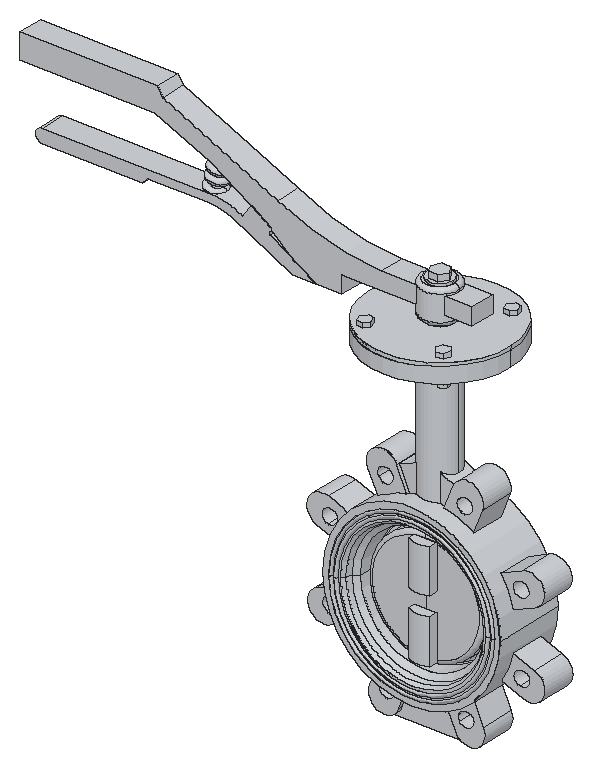
Revit family "R59FLY006", category Plumbing Fixtures, Revit 2015
Reference planes
  plane 1 "Center (Front/Back)": y = 0
  plane 2: z = 0
  plane 3 "Center (Left/Right)": x = 0
  plane 4: z = 152
  plane 5: x = -260
  plane 6: z = 229
  plane 7: z = 187
  plane 8: z = -76
  plane 9: z = -30
  plane 10: z = 182
  plane 11: z = -30
  plane 12: y = -22.488
  plane 13: y = 22.512
Forms (mm)
  Extrusion 1, solid
    sketch origin (0, 0, 142) x (1, 0, 0) y (0, 1, 0)
      loop
        circle (0, 0) r 45
    from 0 to 10
  Extrusion 2, solid
    sketch origin (0, 45.948, -128.573) x (1, 0, 0) y (0, 0, 1)
      loop
        arc (-96.679, 319.319) -> (-132.67, 336.792) -> (-169.654, 352.049) r 659.286
        line (-169.654, 352.049) -> (-172.843, 357.573) -> (-260, 357.573) -> (-260, 341.853) -> (-174.471, 341.853)
        arc (-174.471, 341.853) -> (-122.152, 316.93) -> (-77.024, 280.573) r 248.649
        line (-77.024, 280.573) -> (-55.568, 280.573) -> (-55.568, 291.199) -> (26.878, 291.199) -> (26.878, 302.179) -> (-30.767, 302.179)
        arc (-30.767, 302.179) -> (-64.704, 306.978) -> (-96.679, 319.319) r 150.722
    from 37.966 to 54.11
  Extrusion 3, solid
    sketch origin (-37.783, 45.948, -198.087) x (1, 0, 0) y (0, 0, 1)
      loop
        line (-98.516, 377.301) -> (-208.006, 377.301)
        arc (-208.006, 377.301) -> (-212.274, 373.033) -> (-208.006, 368.766) r 4.268
        line (-208.006, 368.766) -> (-144.475, 368.766) -> (-140.939, 372.301) -> (-103.305, 372.301)
        arc (-103.305, 372.301) -> (-95.507, 371.471) -> (-88.058, 369.019) r 37.057
        arc (-88.058, 369.019) -> (-68.407, 360.05) -> (-49.241, 350.087) r 421.945
        line (-49.241, 350.087) -> (-34.866, 350.087)
        arc (-34.866, 350.087) -> (-48.985, 359.43) -> (-64, 367.252) r 162.429
        line (-64, 367.252) -> (-63.437, 371.843) -> (-74.98, 380.231) -> (-80.609, 372.485)
        arc (-80.609, 372.485) -> (-89.36, 375.646) -> (-98.516, 377.301) r 55.494
    from 37.966 to 54.11
  Extrusion 4, solid
    sketch origin (0, 0, -76.95) x (1, 0, 0) y (0, 1, 0)
      loop
        circle (0, 0) r 12
    from 118.947 to 218.95
  Revolve 5, solid
    sketch origin (0, 0, 0) x (0, 1, 0) y (0, 0, 1)
      loop
        line (-1.078, -39.827) -> (1.078, -39.827) -> (1.078, -38.893)
        arc (1.078, -38.893) -> (1.953, -37.459) -> (3.478, -36.756) r 2.888
        line (3.478, -36.756) -> (6.599, -36.756)
        arc (6.599, -36.756) -> (9.772, -35.014) -> (11.11, -31.651) r 5.351
        line (11.11, -31.651) -> (11.11, 0) -> (-11.11, 0) -> (-11.11, -34.086)
        arc (-11.11, -34.086) -> (-10.328, -35.974) -> (-8.44, -36.756) r 2.67
        line (-8.44, -36.756) -> (-3.478, -36.756)
        arc (-3.478, -36.756) -> (-1.953, -37.459) -> (-1.078, -38.893) r 2.888
        line (-1.078, -38.893) -> (-1.078, -39.827)
      axis (11.11, 0) -> (-11.11, 0)
    angle from 0 to 360
  Blend 6, solid
    base sketch origin (0, 0, -4.163) x (1, 0, 0) y (0, 1, 0)
      loop
        line (-6.883, 16.4) -> (-6.883, -16.4)
        arc (-6.883, -16.4) -> (0, -18.078) -> (6.883, -16.4) r 14.953
        line (6.883, -16.4) -> (6.883, 16.4)
        arc (6.883, 16.4) -> (0, 18.078) -> (-6.883, 16.4) r 14.953
    top sketch origin (0, 0, 0) x (1, 0, 0) y (0, 1, 0)
      loop
        line (-6.883, 16.4) -> (-6.883, -16.4)
        arc (-6.883, -16.4) -> (0, -18.078) -> (6.883, -16.4) r 14.953
        line (6.883, -16.4) -> (6.883, 16.4)
        arc (6.883, 16.4) -> (0, 18.078) -> (-6.883, 16.4) r 14.953
    from 10.163 to 33.803
  Blend 7, solid
    base sketch origin (0, 0, -38.601) x (0, -1, 0) y (1, 0, 0)
      loop
        line (-16.4, -6.883) -> (16.4, -6.883)
        arc (16.4, -6.883) -> (18.078, 0) -> (16.4, 6.883) r 14.953
        line (16.4, 6.883) -> (-16.4, 6.883)
        arc (-16.4, 6.883) -> (-18.078, 0) -> (-16.4, -6.883) r 14.953
    top sketch origin (0, 0, -35.117) x (0, -1, 0) y (1, 0, 0)
      loop
        line (-16.4, -6.883) -> (16.4, -6.883)
        arc (16.4, -6.883) -> (18.078, 0) -> (16.4, 6.883) r 14.953
        line (16.4, 6.883) -> (-16.4, 6.883)
        arc (-16.4, 6.883) -> (-18.078, 0) -> (-16.4, -6.883) r 14.953
    from 4.069 to 29.117
  Extrusion 8, solid
    sketch origin (3.015, 0, -6.297) x (0.99863, 0, -0.052336) y (0.052336, 0, 0.99863)
      loop
        line (-18.251, 60.114) -> (-25.459, 74.264)
        arc (-25.459, 74.264) -> (-38.908, 78.635) -> (-43.28, 65.186) r 10
        line (-43.28, 65.186) -> (-36.072, 51.036) -> (-18.251, 60.114)
      loop
        circle (-32.1, 65.269) r 5
    from -10.546 to 10.991
  Extrusion 9, solid
    sketch origin (-2.321, 0, -6.585) x (0.669131, 0, -0.743145) y (0.743145, 0, 0.669131)
      loop
        line (-18.251, 60.114) -> (-25.459, 74.264)
        arc (-25.459, 74.264) -> (-38.908, 78.635) -> (-43.28, 65.186) r 10
        line (-43.28, 65.186) -> (-36.072, 51.036) -> (-18.251, 60.114)
      loop
        circle (-32.1, 65.269) r 5
    from -10.546 to 10.991
  Extrusion 10, solid
    sketch origin (-6.297, 0, -3.015) x (-0.052336, 0, -0.99863) y (0.99863, 0, -0.052336)
      loop
        line (-18.251, 60.114) -> (-25.459, 74.264)
        arc (-25.459, 74.264) -> (-38.908, 78.635) -> (-43.28, 65.186) r 10
        line (-43.28, 65.186) -> (-36.072, 51.036) -> (-18.251, 60.114)
      loop
        circle (-32.1, 65.269) r 5
    from -10.546 to 10.991
  Extrusion 11, solid
    sketch origin (-6.585, 0, 2.321) x (-0.743145, 0, -0.669131) y (0.669131, 0, -0.743145)
      loop
        line (-18.251, 60.114) -> (-25.459, 74.264)
        arc (-25.459, 74.264) -> (-38.908, 78.635) -> (-43.28, 65.186) r 10
        line (-43.28, 65.186) -> (-36.072, 51.036) -> (-18.251, 60.114)
      loop
        circle (-32.1, 65.269) r 5
    from -10.546 to 10.991
  Extrusion 12, solid
    sketch origin (-3.015, 0, 6.297) x (-0.99863, 0, 0.052336) y (-0.052336, 0, -0.99863)
      loop
        line (-18.251, 60.114) -> (-25.459, 74.264)
        arc (-25.459, 74.264) -> (-38.908, 78.635) -> (-43.28, 65.186) r 10
        line (-43.28, 65.186) -> (-36.072, 51.036) -> (-18.251, 60.114)
      loop
        circle (-32.1, 65.269) r 5
    from -10.546 to 10.991
  Extrusion 13, solid
    sketch origin (2.321, 0, 6.585) x (-0.669131, 0, 0.743145) y (-0.743145, 0, -0.669131)
      loop
        line (-18.251, 60.114) -> (-25.459, 74.264)
        arc (-25.459, 74.264) -> (-38.908, 78.635) -> (-43.28, 65.186) r 10
        line (-43.28, 65.186) -> (-36.072, 51.036) -> (-18.251, 60.114)
      loop
        circle (-32.1, 65.269) r 5
    from -10.546 to 10.991
  Extrusion 14, solid
    sketch origin (6.297, 0, 3.015) x (0.052336, 0, 0.99863) y (-0.99863, 0, 0.052336)
      loop
        line (-18.251, 60.114) -> (-25.459, 74.264)
        arc (-25.459, 74.264) -> (-38.908, 78.635) -> (-43.28, 65.186) r 10
        line (-43.28, 65.186) -> (-36.072, 51.036) -> (-18.251, 60.114)
      loop
        circle (-32.1, 65.269) r 5
    from -10.546 to 10.991
  Extrusion 15, solid
    sketch origin (6.585, 0, -2.321) x (0.743145, 0, 0.669131) y (-0.669131, 0, 0.743145)
      loop
        line (-18.251, 60.114) -> (-25.459, 74.264)
        arc (-25.459, 74.264) -> (-38.908, 78.635) -> (-43.28, 65.186) r 10
        line (-43.28, 65.186) -> (-36.072, 51.036) -> (-18.251, 60.114)
      loop
        circle (-32.1, 65.269) r 5
    from -10.546 to 10.991
  Extrusion 16, solid
    sketch origin (99.126, -27.447, 154) x (0, -1, 0) y (1, 0, 0)
      loop
        line (3.99, -123.113) -> (0.805, -120.344) -> (-3.184, -121.718) -> (-3.99, -125.86) -> (-0.805, -128.628) -> (3.184, -127.254) -> (3.99, -123.113)
    from 0 to 3
  Extrusion 17, solid
    sketch origin (99.126, -27.447, 134) x (0, -1, 0) y (1, 0, 0)
      loop
        circle (0, -124.486) r 3
    from 2.505 to 20
  Extrusion 18, solid
    sketch origin (99.126, -27.447, 141) x (0, -1, 0) y (1, 0, 0)
      loop
        line (3.99, -123.113) -> (0.805, -120.344) -> (-3.184, -121.718) -> (-3.99, -125.86) -> (-0.805, -128.628) -> (3.184, -127.254) -> (3.99, -123.113)
      loop
        line (-3.444, -125.672) -> (-0.695, -128.061) -> (2.749, -126.876) -> (3.444, -123.301) -> (0.695, -120.911) -> (-2.749, -122.097) -> (-3.444, -125.672)
    from -1.968 to 1
  Extrusion 19, solid, not visible
    sketch origin (26.117, -96.518, 104.233) x (0, -1, 0) y (1, 0, 0)
      loop
        line (3.99, -123.113) -> (0.805, -120.344) -> (-3.184, -121.718) -> (-3.99, -125.86) -> (-0.805, -128.628) -> (3.184, -127.254) -> (3.99, -123.113)
    from 0 to 3
  Extrusion 20, solid, not visible
    sketch origin (26.117, -96.518, 84.233) x (0, -1, 0) y (1, 0, 0)
      loop
        circle (0, -124.486) r 3
    from 2.505 to 20
  Extrusion 21, solid, not visible
    sketch origin (26.117, -96.518, 91.233) x (0, -1, 0) y (1, 0, 0)
      loop
        line (3.99, -123.113) -> (0.805, -120.344) -> (-3.184, -121.718) -> (-3.99, -125.86) -> (-0.805, -128.628) -> (3.184, -127.254) -> (3.99, -123.113)
      loop
        line (-3.444, -125.672) -> (-0.695, -128.061) -> (2.749, -126.876) -> (3.444, -123.301) -> (0.695, -120.911) -> (-2.749, -122.097) -> (-3.444, -125.672)
    from -1.968 to 1
  Extrusion 22, solid
    sketch origin (0, 0, 152) x (1, 0, 0) y (0, 1, 0)
      loop
        circle (0, 0) r 45
    from 0 to 2
  Extrusion 23, solid
    sketch origin (99.126, -27.447, 154) x (0, -1, 0) y (1, 0, 0)
      loop
        line (-58.884, -123.113) -> (-58.079, -127.254) -> (-54.09, -128.628) -> (-50.905, -125.86) -> (-51.71, -121.718) -> (-55.7, -120.344) -> (-58.884, -123.113)
    from 0 to 3
  Extrusion 24, solid
    sketch origin (99.126, -27.447, 134) x (0, -1, 0) y (1, 0, 0)
      loop
        circle (-54.895, -124.486) r 3
    from 2.505 to 20
  Extrusion 25, solid
    sketch origin (99.126, -27.447, 141) x (0, -1, 0) y (1, 0, 0)
      loop
        line (-58.884, -123.113) -> (-58.079, -127.254) -> (-54.09, -128.628) -> (-50.905, -125.86) -> (-51.71, -121.718) -> (-55.7, -120.344) -> (-58.884, -123.113)
      loop
        line (-51.451, -125.672) -> (-52.146, -122.097) -> (-55.59, -120.911) -> (-58.339, -123.301) -> (-57.644, -126.876) -> (-54.2, -128.061) -> (-51.451, -125.672)
    from -1.968 to 1
  Extrusion 26, solid
    sketch origin (-100.376, 27.447, 154) x (0, 1, 0) y (-1, 0, 0)
      loop
        line (-58.884, -123.113) -> (-58.079, -127.254) -> (-54.09, -128.628) -> (-50.905, -125.86) -> (-51.71, -121.718) -> (-55.7, -120.344) -> (-58.884, -123.113)
    from 0 to 3
  Extrusion 27, solid
    sketch origin (-100.376, 27.447, 134) x (0, 1, 0) y (-1, 0, 0)
      loop
        circle (-54.895, -124.486) r 3
    from 2.505 to 20
  Extrusion 28, solid
    sketch origin (-100.376, 27.447, 141) x (0, 1, 0) y (-1, 0, 0)
      loop
        line (-58.884, -123.113) -> (-58.079, -127.254) -> (-54.09, -128.628) -> (-50.905, -125.86) -> (-51.71, -121.718) -> (-55.7, -120.344) -> (-58.884, -123.113)
      loop
        line (-51.451, -125.672) -> (-52.146, -122.097) -> (-55.59, -120.911) -> (-58.339, -123.301) -> (-57.644, -126.876) -> (-54.2, -128.061) -> (-51.451, -125.672)
    from -1.968 to 1
  Extrusion 29, solid
    sketch origin (-100.376, 27.447, 154) x (0, 1, 0) y (-1, 0, 0)
      loop
        line (3.99, -123.113) -> (0.805, -120.344) -> (-3.184, -121.718) -> (-3.99, -125.86) -> (-0.805, -128.628) -> (3.184, -127.254) -> (3.99, -123.113)
    from 0 to 3
  Extrusion 30, solid
    sketch origin (-100.376, 27.447, 134) x (0, 1, 0) y (-1, 0, 0)
      loop
        circle (0, -124.486) r 3
    from 2.505 to 20
  Extrusion 31, solid
    sketch origin (-100.376, 27.447, 141) x (0, 1, 0) y (-1, 0, 0)
      loop
        line (3.99, -123.113) -> (0.805, -120.344) -> (-3.184, -121.718) -> (-3.99, -125.86) -> (-0.805, -128.628) -> (3.184, -127.254) -> (3.99, -123.113)
      loop
        line (-3.444, -125.672) -> (-0.695, -128.061) -> (2.749, -126.876) -> (3.444, -123.301) -> (0.695, -120.911) -> (-2.749, -122.097) -> (-3.444, -125.672)
    from -1.968 to 1
  Extrusion 32, solid
    sketch origin (125.063, -27.447, 179.144) x (0, -1, 0) y (1, 0, 0)
      loop
        line (-32.638, -122.069) -> (-32.638, -128.062) -> (-27.447, -131.059) -> (-22.257, -128.062) -> (-22.257, -122.069) -> (-27.447, -119.072) -> (-32.638, -122.069)
    from -1.014 to 2.856
  Extrusion 33, solid
    sketch origin (124.477, -54.895, 174.2) x (0, -1, 0) y (1, 0, 0)
      loop
        circle (-54.895, -124.486) r 8
    from -22.2 to 3.931
  Sweep 34, solid
    path origin (0, 0, 0) x (1, 0, 0) y (0, 0, 1)
      loop
        circle (0, 0) r 56.5
    profile origin (0, 0, -56.5) x (0, 0, 1) y (0, -1, 0)
      loop
        line (16.683, -13.005) -> (16.683, 13.005) -> (13.454, 16.234) -> (12.517, 19.732) -> (10.888, 22.074) -> (9.28, 22.074)
        arc (9.28, 22.074) -> (8.267, 23.087) -> (7.253, 22.074) r 1.014
        line (7.253, 22.074) -> (5.98, 22.074)
        arc (5.98, 22.074) -> (4.966, 23.087) -> (3.952, 22.074) r 1.014
        line (3.952, 22.074) -> (0.625, 22.074) -> (0.625, -22.074) -> (3.952, -22.074)
        arc (3.952, -22.074) -> (4.966, -23.087) -> (5.98, -22.074) r 1.014
        line (5.98, -22.074) -> (7.253, -22.074)
        arc (7.253, -22.074) -> (8.267, -23.087) -> (9.28, -22.074) r 1.014
        line (9.28, -22.074) -> (10.888, -22.074) -> (12.517, -19.732) -> (13.454, -16.234) -> (16.683, -13.005)
  Extrusion 35, solid
    sketch origin (0, 0, -6.285) x (1, 0, 0) y (0, 0, 1)
      loop
        line (-19.832, 75.471) -> (-13.385, 60.987) -> (13.388, 60.987) -> (18.967, 75.514)
        arc (18.967, 75.514) -> (8.519, 79.278) -> (1.583, 87.951) r 20.435
        line (1.583, 87.951) -> (1.583, 61.435) -> (-1.691, 61.435) -> (-1.691, 87.701)
        arc (-1.691, 87.701) -> (-8.987, 78.954) -> (-19.832, 75.471) r 20.435
    from -7.881 to 9.454
  Extrusion 36, solid
    sketch origin (-2.813, 0.293, 5.693) x (1, 0, 0) y (0, 0, 1)
      loop
        line (24.363, -76.16) -> (17.608, -60.987) -> (-11.927, -60.987) -> (-17.608, -75.781)
        arc (-17.608, -75.781) -> (-18.968, -78.229) -> (-20.953, -80.203) r 10
        line (-20.953, -80.203) -> (28.103, -80.203)
        arc (28.103, -80.203) -> (25.899, -78.491) -> (24.363, -76.16) r 8.561
    from -9.388 to 9.974
  Revolve 37, solid
    sketch origin (0, 0, 12) x (1, 0, 0) y (0, 0, 1)
      loop
        line (-9.486, 143.746) -> (0, 143.746) -> (0, 165) -> (-9.486, 165)
        arc (-9.486, 165) -> (-11.259, 164.265) -> (-11.994, 162.492) r 2.508
        line (-11.994, 162.492) -> (-11.994, 146.254)
        arc (-11.994, 146.254) -> (-11.259, 144.481) -> (-9.486, 143.746) r 2.508
      axis (0, 143.746) -> (0, 165)
    angle from 0 to 360
  Sweep 38, solid
    path origin (-48.156, 0, 178.496) x (0.978732, 0, -0.205142) y (0, 1, 0)
      loop
        circle (-92.344, 0) r 5
    profile origin (-138.536, 5, 197.439) x (0, -1, 0) y (0.205142, 0, 0.978732)
      loop
        circle (0, 0) r 2
  Sweep 39, solid
    path origin (-49.24, 0, 172.236) x (0.978732, 0, -0.205142) y (0, 1, 0)
      loop
        circle (-92.344, 0) r 5
    profile origin (-139.62, 5, 191.18) x (0, -1, 0) y (0.205142, 0, 0.978732)
      loop
        circle (0, 0) r 2
  Sweep 40, solid
    path origin (-50.258, 0, 166.62) x (0.978732, 0, -0.205142) y (0, 1, 0)
      loop
        circle (-92.344, 0) r 5
    profile origin (-140.638, 5, 185.564) x (0, -1, 0) y (0.205142, 0, 0.978732)
      loop
        circle (0, 0) r 2
  Sweep 41, solid
    path origin (-51.686, 0, 159.994) x (0.978732, 0, -0.205142) y (0, 1, 0)
      loop
        circle (-92.344, 0) r 5
    profile origin (-142.066, 5, 178.938) x (0, -1, 0) y (0.205142, 0, 0.978732)
      loop
        circle (0, 0) r 2
  Sweep 42, solid
    path origin (-0.002, 0, 0) x (1, 0, 0) y (0, 0, 1)
      loop
        circle (0, 0) r 56.5
    profile origin (-0.002, 0, -56.5) x (0, 0, 1) y (0, -1, 0)
      loop
        line (0, 22.488) -> (0, -22.512) -> (3.915, -22.512) -> (3.915, 22.488) -> (0, 22.488)
Dimensions and locks
  plane 2 to plane 4 = 152 mm
  plane 3 "Center (Left/Right)" to plane 5 = 260 mm
  level to plane 6 = 229 mm
  plane 8 to level = 76 mm
  locked: plane 4 to plane 10 at 30
  plane 13 to plane 12 = 45 mm
  aligned and locked: level to plane 2
